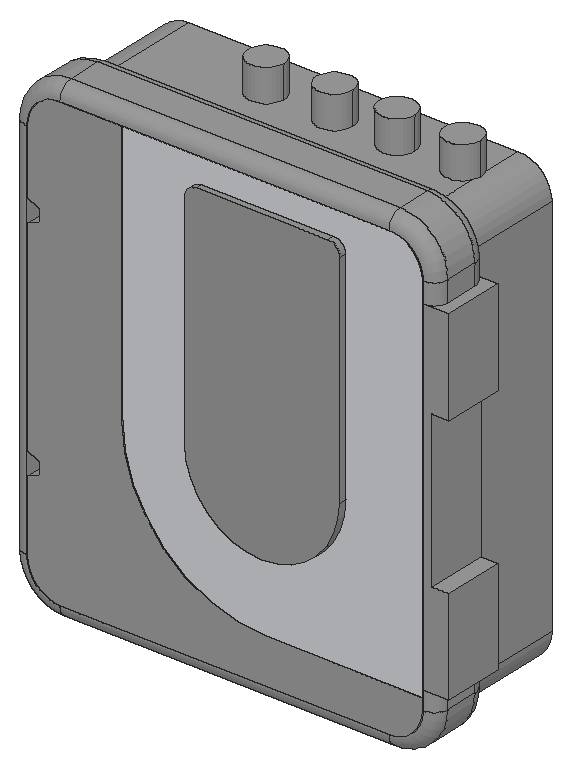
Revit family "DC NFXI-ASD11", category Specialty Equipment, Revit 2014
Parameters (values of type "Notifier by Honeywell FAAST LT ASPIATING UNIT NFXI-ASD")
  Zone number = ""
  URL = "www.notifierfiresystems.co.uk"
  Type Comments = "FAAST LT Loop Based Aspirating System"
  Tel No. = "+44 (0) 1273 897000"
  Product Code = "NFXI-ASD"
  Model = "FAAST LT"
  Manufacturer = "Notifier by Honeywell"
  Loop number = ""
  Fax No. = "+44 (0) 1273 376894"
  Email = "sales@notifierfiresystems.co.uk"
  Detector number = ""
  Description = "ASD Aspirating System w/ Detector"
  Control Panel name = ""
  Assembly Code = "D4090900"
  Address line 1 = "Caburn House, Brooks Road, Lewes, E. Sussex BN7 2BY, UK"
Reference planes
  plane 1 "Center (Front/Back)": y = 0
  plane 2: z = 0
  plane 3 "Center (Left/Right)": x = 0
  plane 4: y = -135
Forms (mm)
  Extrusion 1, solid, material "Default"
    sketch origin (23.44, 0, -37.5) x (1, 0, 0) y (0, 0, 1)
      loop
        line (114.56, 428.5) -> (-161.44, 428.5)
        arc (-161.44, 428.5) -> (-181.239, 420.299) -> (-189.44, 400.5) r 28
        line (-189.44, 400.5) -> (-189.44, 77.5)
        arc (-189.44, 77.5) -> (-181.239, 57.701) -> (-161.44, 49.5) r 28
        line (-161.44, 49.5) -> (114.56, 49.5)
        arc (114.56, 49.5) -> (134.359, 57.701) -> (142.56, 77.5) r 28
        line (142.56, 77.5) -> (142.56, 400.5)
        arc (142.56, 400.5) -> (134.359, 420.299) -> (114.56, 428.5) r 28
    from 0 to 83.677
  Extrusion 2, solid
    sketch origin (-41.679, -167.353, -69.446) x (-1, 0, 0) y (0, 0, 1)
      loop
        line (44.321, 460.446) -> (-179.679, 460.446)
        arc (-179.679, 460.446) -> (-199.478, 452.245) -> (-207.679, 432.446) r 28
        line (-207.679, 432.446) -> (-207.679, 119.446) -> (-75.679, 119.446)
        arc (-75.679, 119.446) -> (9.174, 154.593) -> (44.321, 239.446) r 120
        line (44.321, 239.446) -> (44.321, 460.446)
    from 32.353 to 83.677
  Sweep 3, solid, material "Default"
    path in 3D
      loop
        line (166, -135, 55.828) -> (166, -135, 40)
        arc (166, -135, 40) -> (157.799, -135, 20.201) -> (138, -135, 12) r 28
        line (138, -135, 12) -> (-138, -135, 12)
        arc (-138, -135, 12) -> (-157.799, -135, 20.201) -> (-166, -135, 40) r 28
        line (-166, -135, 40) -> (-166, -135, 363)
        arc (-166, -135, 363) -> (-157.799, -135, 382.799) -> (-138, -135, 391) r 28
        line (-138, -135, 391) -> (138, -135, 391)
        arc (138, -135, 391) -> (157.799, -135, 382.799) -> (166, -135, 363) r 28
        line (166, -135, 363) -> (166, -135, 345.828)
    profile origin (0, -135, 391) x (0, -1, 0) y (0, 0, -1)
      loop
        line (0, 0) -> (-51.321, 0)
        arc (-51.321, 0) -> (-47.965, -8.328) -> (-39.771, -12.001) r 12.01
        line (-39.771, -12.001) -> (-11.55, -12.001)
        arc (-11.55, -12.001) -> (-3.356, -8.328) -> (0, 0) r 12.01
  Extrusion 4, solid, material "Default"
    sketch origin (-41.679, -167.353, -69.446) x (-1, 0, 0) y (0, 0, 1)
      loop
        line (-207.679, 119.446) -> (-207.679, 109.446)
        arc (-207.679, 109.446) -> (-199.478, 89.647) -> (-179.679, 81.446) r 28
        line (-179.679, 81.446) -> (96.321, 81.446)
        arc (96.321, 81.446) -> (116.12, 89.647) -> (124.321, 109.446) r 28
        line (124.321, 109.446) -> (124.321, 432.446)
        arc (124.321, 432.446) -> (116.12, 452.245) -> (96.321, 460.446) r 28
        line (96.321, 460.446) -> (44.321, 460.446) -> (44.321, 239.446)
        arc (44.321, 239.446) -> (9.174, 154.593) -> (-75.679, 119.446) r 120
        line (-75.679, 119.446) -> (-207.679, 119.446)
    from 32.353 to 83.677
  Extrusion 5, solid, material "UHMW, Black"
    sketch origin (-2.929, -167.353, -63.196) x (-1, 0, 0) y (0, 0, 1)
      loop
        arc (26.071, 423.442) -> (23.142, 430.513) -> (16.071, 433.442) r 10
        line (16.071, 433.442) -> (-93.929, 433.442)
        arc (-93.929, 433.442) -> (-101, 430.513) -> (-103.929, 423.442) r 10
        line (-103.929, 423.442) -> (-103.929, 238.642)
        arc (-103.929, 238.642) -> (-38.929, 173.642) -> (26.071, 238.642) r 65
        line (26.071, 238.642) -> (26.071, 423.442)
    from 26.528 to 83.677
  Extrusion 6, void
    sketch origin (-156.479, -167.353, -79.246) x (-1, 0, 0) y (0, 0, 1)
      loop
        line (74.521, 418.795) -> (-1.135, 383.515) -> (-1.135, 373.515) -> (74.521, 342.012) -> (74.521, 418.795)
      loop
        line (73.171, 228.165) -> (-1.135, 193.515) -> (-1.135, 183.515) -> (73.171, 152.575) -> (73.171, 228.165)
    from 32.353 to 83.677
  Extrusion 7, solid, material "Default"
    sketch origin (-41.679, -167.353, -69.446) x (-1, 0, 0) y (0, 0, 1)
      loop
        line (-207.679, 415.274) -> (-229.679, 415.274) -> (-229.679, 335.274) -> (-215.179, 335.274) -> (-215.179, 205.274) -> (-229.679, 205.274) -> (-229.679, 125.274) -> (-207.679, 125.274) -> (-207.679, 415.274)
    from 32.353 to 83.677
  Extrusion 8, solid, material "Default"
    sketch origin (0, 0, 0) x (1, 0, 0) y (0, 1, 0)
      loop
        circle (124.635, -41.408) r 15
      loop
        circle (69.635, -41.408) r 15
      loop
        circle (17.135, -41.408) r 15
      loop
        circle (-40.365, -41.408) r 15
    from 417.989 to 391
Cuts and joins
  Extrusion 6 cuts Extrusion 4
Lines and regions (mm)
  sketch lines
    curve 1: line (-138, -135, 391) -> (138, -135, 391)
    curve 2: arc (-138, -135, 391) -> (-157.799, -135, 382.799) -> (-166, -135, 363) r 28
    curve 3: line (-166, -135, 40) -> (-166, -135, 363)
    curve 4: arc (-166, -135, 40) -> (-157.799, -135, 20.201) -> (-138, -135, 12) r 28
    curve 5: line (138, -135, 12) -> (-138, -135, 12)
    curve 6: arc (138, -135, 12) -> (157.799, -135, 20.201) -> (166, -135, 40) r 28
    curve 7: line (166, -135, 55.828) -> (166, -135, 40)
    curve 8: arc (166, -135, 363) -> (157.799, -135, 382.799) -> (138, -135, 391) r 28
    curve 9: line (166, -135, 363) -> (166, -135, 345.828)
Dimensions and locks
  aligned and locked: level to plane 2
